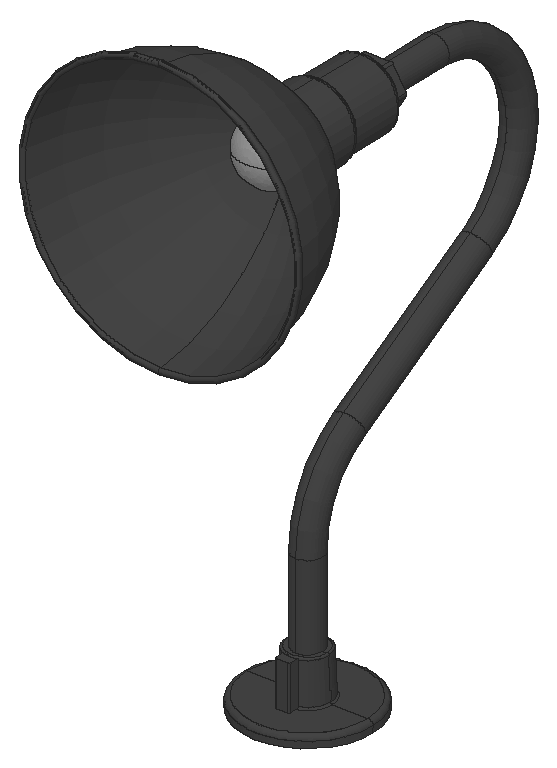
Revit family "BLE-G-DBW-G15-E26", category Lighting Fixtures, host Face, Revit 2022
Family settings
  Host = Face
  Round Connector Dimension = Use Diameter
  Part Type = Normal
  Cut with Voids When Loaded = No
  Light Source = Yes
  Maintain Annotation Orientation = No
  Shared = No
  Room Calculation Point = No
Parameters (values of type "10"")
  Wattage = 5.72229 W
  built-in parameter 1150110 = 1 (stored number, unit not read)
  built-in parameter 1114217 = 1 (stored number, unit not read)
  Tilt Angle = 0.00°
  built-in parameter 1150109 = 1 (stored number, unit not read)
  built-in parameter 1150134 = (empty or 0)
  built-in parameter 1150113 = 1 (stored number, unit not read)
  Gooseneck Material = 100 - Black
  Shade Material = 100 - Black
  Photometric Web File = "generic"
  built-in parameter 1150142 = (empty or 0)
  built-in parameter 1150105 = 67.641 (stored number, unit not read)
  Lumens = 850 lm
  built-in parameter 1150115 = 1 (stored number, unit not read)
  built-in parameter 1150137 = (empty or 0)
  built-in parameter 1150139 = (empty or 0)
  built-in parameter 1150112 = 1 (stored number, unit not read)
  built-in parameter 1150114 = 1 (stored number, unit not read)
  built-in parameter 1150132 = 2
  built-in parameter 1150102 = (empty or 0)
  built-in parameter 1150107 = 3000 (stored number, unit not read)
  built-in parameter 1150138 = (empty or 0)
  built-in parameter 1150106 = 0.67641 (stored number, unit not read)
  24" = no
  built-in parameter 1150104 = 13.8 (stored number, unit not read)
  20" = no
  Dimming Lamp Color Temperature Shift = <None>
  Default Elevation = 4' - 0"
  Color Filter = 16777215
  Base Material = 100 - Black
  built-in parameter 1114218 = 1 (stored number, unit not read)
  built-in parameter 1150133 = 10 (stored number, unit not read)
  16" = no
  14" = no
  12" = no
  10" = yes
Types (7): name | 24" | 20" | 16" | 14" | 12" | 10"
  (no name) | no | no | no | no | no | yes
  12" | no | no | no | no | yes | no
  14" | no | no | no | yes | no | no
  16" | no | no | yes | no | no | no
  10" | no | no | no | no | no | yes
  20" | no | yes | no | no | no | no
  24" | yes | no | no | no | no | no
Reference planes (in)
  plane 1 "Center (Front/Back)": y = 0
  plane 2: z = 0
  plane 3 "Center (Left/Right)": x = 0
Lines and regions (in)
  reference lines
    curve 1: line (0, 32, 0) -> (0, -36, 0)
    curve 2: line (-33.11947, 0, 0) -> (37.88053, 0, 0)
Dimensions and locks (in)
  plane 1 "Center (Front/Back)" to imposter light = 0' - 1 1/2"
  aligned and locked: plane 2 to host face
  aligned and locked: level to host face
  aligned and locked: plane 3 "Center (Left/Right)" to nested 1
  aligned and locked: plane 1 "Center (Front/Back)" to nested 1
  aligned and locked: nested 4 to imposter light
  aligned and locked: plane 3 "Center (Left/Right)" to nested 2
  aligned and locked: nested 3 to plane 3 "Center (Left/Right)"
  aligned and locked: nested 5 to nested 3
  aligned and locked: imposter light to nested 6
  aligned and locked: nested 6 to imposter light
  aligned and locked: nested 5 to imposter light
  aligned and locked: nested 7 to nested 3
  aligned and locked: nested 3 to nested 7
  aligned and locked: imposter light to nested 3
Nested families (in)
  nested 1: "WBP-7501" at (0, 0, 0), type "WBP-7501"
  nested 2: "GNK-7515" at (0, 0, 1.975), type "GNK-5011"
  nested 3: "DBW Shade" at (0, 2.47899, 18.47924) x (0, 0, -1) z (0, -1, 0), type "DBW Shade"
    with 24" no, 20" no, 16" no, 14" no, 12" no
  nested 4: "103264" at (0, -3.60156, 18.47924) x (0, 0, -1) z (0, -1, 0), type "103264"
    with Heat Sink 9" no
  nested 5: "CPL-0004" at (0, 3.12917, 18.47924) x (1, 0, 0) z (0, -1, 0), type "CPL-0004"
  nested 6: "E26 Socket Assy" at (0, 2.43992, 18.47924) x (0, 0, -1) z (0, -1, 0), type "E26 Socket Assy"
  nested 7: "E26 Bulb" at (0, 0.18494, 18.47924) x (1, 0, 0) z (0, -1, 0), type "E26 Bulb"
Connectors (in)
  electrical at (0, 0, 0)
    settings: index 1, voltage 0 V, apparent load 0 VA, apparent load phase1 0 VA, apparent load phase2 0 VA, apparent load phase3 0 VA, power factor 1, load classification "Other", number of poles 1, system type 31, power factor state 1, is connector primary yes, connector utility no, sub classification motor no, connector description ""
Definition of nested family "WBP-7501"
  Parameters (values of type "WBP-7501")
    Default Elevation = 3' - 0"
    Base Material = none
  Reference planes (in)
    plane 1 "Center (Front/Back)": y = 0
    plane 2: z = 0
    plane 3 "Center (Left/Right)": x = 0
    plane 4 "Base Dia": x = -2.325
    plane 5 "Base Height": z = 0.4
    plane 6 "Fillet Radius": z = 0.225
    plane 7: z = 0.458
    plane 8: x = -0.87
    plane 9: x = -0.81
    plane 10: x = -0.76
    plane 11: z = 1.917
    plane 12: z = 1.975
    plane 13: x = -0.7
    plane 14: x = -0.2595
    plane 15: x = 0.2595
    plane 16: y = -1.135
  Forms (in)
    Extrusion 1, solid
      sketch origin (0, 0, 0) x (1, 0, 0) y (0, 1, 0)
        loop
          line (-48, 48) -> (-48, -48) -> (48, -48) -> (48, 48) -> (-48, 48)
      from 0 to -12
    Revolve 2, solid, material <- "Base Material"
      sketch origin (0, 0, 0) x (1, 0, 0) y (0, 0, 1)
        loop
          line (0, 0) -> (0, 1.975) -> (-0.7, 1.975)
          arc (-0.7, 1.975) -> (-0.74172, 1.95814) -> (-0.76, 1.91702) r 0.06003
          line (-0.76, 1.91702) -> (-0.81, 0.458)
          arc (-0.81, 0.458) -> (-0.82699, 0.41699) -> (-0.868, 0.4) r 0.058
          line (-0.868, 0.4) -> (-2.15, 0.4)
          arc (-2.15, 0.4) -> (-2.27374, 0.34874) -> (-2.325, 0.225) r 0.175
          line (-2.325, 0.225) -> (-2.325, 0) -> (0, 0)
        axis (0, 0) -> (0, 1.975)
      angle from 0 to 360
    Extrusion 3, solid, material <- "Base Material"
      sketch origin (0, 0, 0) x (1, 0, 0) y (0, 1, 0)
        loop
          line (-0.2595, -0.76731) -> (-0.2595, -1.075)
          arc (-0.2595, -1.075) -> (-0.24193, -1.11743) -> (-0.1995, -1.135) r 0.06
          line (-0.1995, -1.135) -> (0.1995, -1.135)
          arc (0.1995, -1.135) -> (0.24193, -1.11743) -> (0.2595, -1.075) r 0.06
          line (0.2595, -1.075) -> (0.2595, -0.76731)
          arc (0.2595, -0.76731) -> (0, -0.81) -> (-0.2595, -0.76731) r 0.81
      from 0 to 1.975
  Cuts and joins
    joined: Revolve 2, Extrusion 3
  Dimensions and locks (in)
    plane 4 "Base Dia" to plane 3 "Center (Left/Right)" = 0' - 2.325"
    locked: plane 5 "Base Height" to Extrusion 1 at 0.4
    locked: plane 3 "Center (Left/Right)" to plane 4 "Base Dia" at 2.325
    locked: plane 5 "Base Height" to plane 6 "Fillet Radius" at 0.175
    locked: plane 3 "Center (Left/Right)" to plane 9 at 0.81
    locked: plane 3 "Center (Left/Right)" to plane 8 at 0.87
    locked: plane 3 "Center (Left/Right)" to plane 10 at 0.76
    locked: plane 3 "Center (Left/Right)" to plane 13 at 0.7
    locked: plane 11 to plane 5 "Base Height" at 1.517
    locked: plane 12 to plane 5 "Base Height" at 1.575
    locked: plane 7 to plane 5 "Base Height" at 0.058
    locked: plane 14 to plane 3 "Center (Left/Right)" at 0.2595
    locked: plane 3 "Center (Left/Right)" to plane 15 at 0.2595
    locked: plane 16 to plane 1 "Center (Front/Back)" at 1.135
    radius of Revolve 2 sketch curve = 0' - 0.175"
    aligned and locked: plane 2 to Extrusion 1
    aligned and locked: level to Extrusion 1
    aligned and locked: Revolve 2 sketch curve to plane 5 "Base Height"
    aligned and locked: plane 9 to Revolve 2 sketch curve
    aligned and locked: plane 3 "Center (Left/Right)" to Revolve 2 sketch curve
    aligned and locked: plane 15 to Extrusion 3 sketch curve
    aligned and locked: Extrusion 3 sketch curve to plane 16
    aligned and locked: Extrusion 3 sketch curve to plane 14
  Automatic sketch dimensions
    Extrusion 1 sketch curve to Extrusion 1 sketch curve = 8' - 0"  (x2)
    Revolve 2 sketch curve to level = 0' - 0"
    Revolve 2 sketch curve to plane 4 "Base Dia" = 0' - 0"
    Revolve 2 sketch curve to plane 7 = 0' - 0"  (x2)
    plane 10 to Revolve 2 sketch curve = 0' - 0"
    Revolve 2 sketch curve to plane 12 = 0' - 0"
    Revolve 2 sketch curve to plane 13 = 0' - 0"
    Revolve 2 sketch curve to plane 3 "Center (Left/Right)" = 0' - 0"
    Revolve 2 sketch curve to Revolve 2 sketch curve = 0' - 0.22742"
    Revolve 2 sketch curve to Revolve 2 sketch curve = 0' - 1.76377"
    plane 1 "Center (Front/Back)" to Extrusion 3 sketch curve = 0' - 0"
    Extrusion 3 sketch curve to plane 3 "Center (Left/Right)" = 0' - 0"
    plane 14 to Extrusion 3 sketch curve = 0' - 0.06"
    Extrusion 3 sketch curve to plane 15 = 0' - 0.06"
    Extrusion 3 sketch curve to Extrusion 3 sketch curve = 0' - 0.30769"
Definition of nested family "GNK-7515"
  Parameters (values of type "GNK-7515")
    Gooseneck Material = none
    Default Elevation = 2' - 0"
  Reference planes (in)
    plane 1 "Center (Front/Back)": y = 0
    plane 2: z = 0
    plane 3 "Center (Left/Right)": x = 0
    plane 4 "Wood Height": z = 0
  Forms (in)
    Extrusion 1, solid
      sketch origin (0, 0, 0) x (1, 0, 0) y (0, 1, 0)
        loop
          line (-48, 48) -> (-48, -48) -> (48, -48) -> (48, 48) -> (-48, 48)
      from 0 to -12
    Sweep 2, solid, material <- "Gooseneck Material"
      path origin (0, 0, 0) x (0, 1, 0) y (0, 0, 1)
        loop
          line (0, 0) -> (0, 3.00184)
          arc (0, 3.00184) -> (0.50198, 4.87524) -> (1.8734, 6.24667) r 3.7468
          line (1.8734, 6.24667) -> (7.50417, 9.49759)
          arc (7.50417, 9.49759) -> (9.25139, 13.71576) -> (5.62917, 16.49519) r 3.75
          line (5.62917, 16.49519) -> (3.12917, 16.49519)
      profile origin (0, 0, 1.50092) x (0, -1, 0) y (1, 0, 0)
        loop
          circle (0, 0) r 0.52676
  Dimensions and locks (in)
    aligned and locked: plane 2 to Extrusion 1
    aligned and locked: level to Extrusion 1
    aligned and locked: Extrusion 1 to plane 4 "Wood Height"
  Automatic sketch dimensions
    Extrusion 1 sketch curve to Extrusion 1 sketch curve = 8' - 0"  (x2)
    Sweep 2 sketch curve to plane 3 "Center (Left/Right)" = 0' - 0"
    Sweep 2 sketch curve to profile plane = 0' - 0"
    Sweep 2 sketch curve to plane 1 "Center (Front/Back)" = 0' - 0"
    Sweep 2 sketch curve to level = 0' - 0"
    Sweep 2 sketch curve to plane 1 "Center (Front/Back)" = 0' - 1.8734"
    Sweep 2 sketch curve to Sweep 2 sketch curve = 0' - 1.8734"
    Sweep 2 sketch curve to Sweep 2 sketch curve = 0' - 1 7/8"
    level to Sweep 2 sketch curve = 0' - 3.00184"
    Sweep 2 sketch curve to Sweep 2 sketch curve = 0' - 3.25092"
    Sweep 2 sketch curve to Sweep 2 sketch curve = 0' - 2 1/2"
    radius of Sweep 2 sketch curve = 0' - 0.52676"
Definition of nested family "DBW Shade"
  Parameters (values of type "DBW Shade")
    Shade Material = none
    Default Elevation = 2' - 0"
    24" = yes
    20" = yes
    10" = yes
    16" = yes
    14" = yes
    12" = yes
  Reference planes (in)
    plane 1 "Center (Front/Back)": y = 0
    plane 2: z = 0
    plane 3 "Center (Left/Right)": x = 0
  Forms (in)
    Extrusion 1, solid
      sketch origin (0, 0, 0) x (1, 0, 0) y (0, 1, 0)
        loop
          line (-48, 48) -> (-48, -48) -> (48, -48) -> (48, 48) -> (-48, 48)
      from 0 to -12
  Dimensions and locks (in)
    aligned and locked: plane 2 to Extrusion 1
    aligned and locked: level to Extrusion 1
    aligned and locked: plane 1 "Center (Front/Back)" to nested 1
    aligned and locked: plane 3 "Center (Left/Right)" to nested 1
    aligned and locked: plane 3 "Center (Left/Right)" to nested 2
    aligned and locked: plane 1 "Center (Front/Back)" to nested 2
    aligned and locked: plane 1 "Center (Front/Back)" to nested 3
    aligned and locked: plane 3 "Center (Left/Right)" to nested 3
    aligned and locked: plane 1 "Center (Front/Back)" to nested 4
    aligned and locked: plane 1 "Center (Front/Back)" to nested 5
    aligned and locked: plane 3 "Center (Left/Right)" to nested 5
    aligned and locked: plane 3 "Center (Left/Right)" to nested 6
    aligned and locked: plane 1 "Center (Front/Back)" to nested 6
    aligned and locked: plane 3 "Center (Left/Right)" to nested 4
  Nested families (in)
    nested 1: "SHD-0028" at (0, 0, 0), visible <- "10"", type "SHD-0028"
    nested 2: "SHD-0029" at (0, 0, 0), visible <- "12"", type "SHD-0029"
    nested 3: "SHD-0114" at (0, 0, 0), visible <- "14"", type "SHD-0114"
    nested 4: "SHD-0115" at (0, 0, 0), visible <- "16"", type "SHD-0115"
    nested 5: "SHD-0308" at (0, 0, 0), visible <- "24"", type "SHD-0308"
    nested 6: "SHD-0223" at (0, 0, 0), visible <- "20"", type "SHD-0223"
  Definition of nested family "SHD-0028"
    Parameters (values of type "SHD-0028")
      Shade Material = none
      Default Elevation = 2' - 0"
    Reference planes (in)
      plane 1 "Center (Front/Back)": y = 0
      plane 2: z = 0
      plane 3 "Center (Left/Right)": x = 0
      plane 4 "Wood Height": z = 0
      plane 5 "Nut Radius": x = -1.03713
      plane 6 "Nut Flat": x = -0.861
      plane 7 "Shade Thickness": z = 0.04
      plane 8 "Lower Shade bottom": z = 9.109
      plane 9 "Lower Shade Outer Dia": x = -5
      plane 10 "Shade Top Dia": x = -1.20713
      plane 11 "Shade Middle Radius Height1": z = 1.965
      plane 12 "Shade Lower Diameter1": x = -1.44113
      plane 13 "Shade Top Radius": x = -1.29713
      plane 14 "Shade Middle Radious Height2": z = 2.105
      plane 15 "Shade Middle Radius Diameter2": x = -1.41363
      plane 16 "Lip Height": z = 9.029
      plane 17 "Bowl Start": z = 3.545
      plane 18: x = -4.85
      plane 19: z = 9.069
    Forms (in)
      Extrusion 1, solid
        sketch origin (0, 0, 0) x (1, 0, 0) y (0, 1, 0)
          loop
            line (-48, 48) -> (-48, -48) -> (48, -48) -> (48, 48) -> (-48, 48)
        from 0 to -12
      Revolve 2, solid, material <- "Shade Material"
        sketch origin (0, 0, 0) x (1, 0, 0) y (0, 0, 1)
          loop
            line (0, 0) -> (0, 0.03906) -> (-1.20713, 0.03906)
            arc (-1.20713, 0.03906) -> (-1.24314, 0.05398) -> (-1.25806, 0.09) r 0.05094
            line (-1.25806, 0.09) -> (-1.25806, 1.94384)
            arc (-1.25806, 1.94384) -> (-1.26409, 1.97759) -> (-1.28141, 2.00717) r 0.09757
            line (-1.28141, 2.00717) -> (-1.37456, 2.11635) -> (-1.37456, 3.48096)
            arc (-1.37456, 3.48096) -> (-1.39014, 3.54099) -> (-1.43295, 3.58588) r 0.12347
            arc (-1.43295, 3.58588) -> (-3.7536, 5.90437) -> (-4.80544, 9.01154) r 7.20294
            arc (-4.80544, 9.01154) -> (-4.99326, 9.04214) -> (-4.84504, 8.9228) r 0.09841
            line (-4.84504, 8.9228) -> (-4.86619, 8.95581)
            arc (-4.86619, 8.95581) -> (-4.95809, 9.02506) -> (-4.84432, 9.00777) r 0.05934
            arc (-4.84432, 9.00777) -> (-3.78678, 5.88375) -> (-1.45354, 3.55268) r 7.242
            arc (-1.45354, 3.55268) -> (-1.42428, 3.522) -> (-1.41363, 3.48096) r 0.0844
            line (-1.41363, 3.48096) -> (-1.41363, 2.13147)
            arc (-1.41363, 2.13147) -> (-1.40868, 2.10377) -> (-1.39446, 2.07949) r 0.08009
            line (-1.39446, 2.07949) -> (-1.31112, 1.98181)
            arc (-1.31112, 1.98181) -> (-1.30074, 1.96408) -> (-1.29713, 1.94384) r 0.0585
            line (-1.29713, 1.94384) -> (-1.29713, 0.09)
            arc (-1.29713, 0.09) -> (-1.27077, 0.02636) -> (-1.20713, 0) r 0.09
            line (-1.20713, 0) -> (0, 0)
          axis (0, 9.01154) -> (0, 0)
        angle from 0 to 360
    Dimensions and locks (in)
      locked: plane 6 "Nut Flat" to plane 3 "Center (Left/Right)" at 0.861
      locked: plane 7 "Shade Thickness" to plane 4 "Wood Height" at 0.04
      locked: plane 3 "Center (Left/Right)" to plane 9 "Lower Shade Outer Dia" at 5
      locked: plane 11 "Shade Middle Radius Height1" to plane 4 "Wood Height" at 1.965
      locked: plane 14 "Shade Middle Radious Height2" to plane 4 "Wood Height" at 2.105
      locked: plane 8 "Lower Shade bottom" to plane 16 "Lip Height" at 0.08
      locked: plane 17 "Bowl Start" to plane 4 "Wood Height" at 3.545
      locked: plane 18 to plane 9 "Lower Shade Outer Dia" at 0.15
      locked: plane 8 "Lower Shade bottom" to plane 19 at 0.04
      locked: plane 8 "Lower Shade bottom" to plane 4 "Wood Height" at 9.109
      aligned and locked: plane 2 to Extrusion 1
      aligned and locked: level to Extrusion 1
      aligned and locked: plane 4 "Wood Height" to Revolve 2 sketch curve
      aligned and locked: plane 10 "Shade Top Dia" to Revolve 2 sketch curve
      aligned and locked: Revolve 2 sketch curve to plane 15 "Shade Middle Radius Diameter2"
      aligned and locked: Revolve 2 sketch curve to plane 13 "Shade Top Radius"
      aligned and locked: Extrusion 1 to plane 4 "Wood Height"
    Automatic sketch dimensions
      Extrusion 1 sketch curve to Extrusion 1 sketch curve = 8' - 0"  (x2)
      Revolve 2 sketch curve to Revolve 2 sketch curve = 0' - 0"  (x12)
      Revolve 2 sketch curve to plane 3 "Center (Left/Right)" = 0' - 0"  (x2)
      plane 18 to Revolve 2 sketch curve = 0' - 0.00496"
      Revolve 2 sketch curve to plane 18 = 0' - 0.01619"
      plane 15 "Shade Middle Radius Diameter2" to Revolve 2 sketch curve = 0' - 0.01916"
      plane 14 "Shade Middle Radious Height2" to Revolve 2 sketch curve = 0' - 0.01135"
      plane 15 "Shade Middle Radius Diameter2" to Revolve 2 sketch curve = 0' - 0 5/128"
      Revolve 2 sketch curve to plane 11 "Shade Middle Radius Height1" = 0' - 0.02116"
      plane 15 "Shade Middle Radius Diameter2" to Revolve 2 sketch curve = 0' - 0.058"
      plane 14 "Shade Middle Radious Height2" to Revolve 2 sketch curve = 0' - 0.02647"
      Revolve 2 sketch curve to plane 13 "Shade Top Radius" = 0' - 0.01572"
      Revolve 2 sketch curve to Revolve 2 sketch curve = 0' - 0 5/128"
      Revolve 2 sketch curve to plane 17 "Bowl Start" = 0' - 0.06404"
      plane 18 to Revolve 2 sketch curve = 0' - 0.00568"
      plane 17 "Bowl Start" to Revolve 2 sketch curve = 0' - 0.15101"
      Revolve 2 sketch curve to Revolve 2 sketch curve = 0' - 2.15863"
      Revolve 2 sketch curve to plane 12 "Shade Lower Diameter1" = 0' - 0.00818"
      Revolve 2 sketch curve to Revolve 2 sketch curve = 0' - 0.03888"  (x2)
      Revolve 2 sketch curve to Revolve 2 sketch curve = 0' - 0.03301"
      Revolve 2 sketch curve to Revolve 2 sketch curve = 0' - 0.02059"
      Revolve 2 sketch curve to Revolve 2 sketch curve = 0' - 0.03319"
  Definition of nested family "SHD-0029"
    Parameters (values of type "SHD-0029")
      Shade Material = none
      Default Elevation = 2' - 0"
    Reference planes (in)
      plane 1 "Center (Front/Back)": y = 0
      plane 2: z = 0
      plane 3 "Center (Left/Right)": x = 0
      plane 4 "Wood Height": z = 0
      plane 5 "Nut Radius": x = -1.03713
      plane 6 "Nut Flat": x = -0.861
      plane 7 "Shade Thickness": z = 0.04
      plane 8 "Shade Top Dia": x = -1.20713
      plane 9 "Shade Middle Radius Height1": z = 1.965
      plane 10 "Shade Lower Diameter1": x = -1.44113
      plane 11 "Shade Top Radius": x = -1.29713
      plane 12 "Shade Middle Radious Height2": z = 2.105
      plane 13 "Shade Middle Radius Diameter2": x = -1.41363
      plane 14 "Bowl Start": z = 3.545
    Forms (in)
      Extrusion 1, solid
        sketch origin (0, 0, 0) x (1, 0, 0) y (0, 1, 0)
          loop
            line (-48, 48) -> (-48, -48) -> (48, -48) -> (48, 48) -> (-48, 48)
        from 0 to -12
      Revolve 2, solid, material <- "Shade Material"
        sketch origin (0, 0, 0) x (1, 0, 0) y (0, 0, 1)
          loop
            line (0, 0) -> (0, 0.03906) -> (-1.20713, 0.03906)
            arc (-1.20713, 0.03906) -> (-1.24314, 0.05398) -> (-1.25806, 0.09) r 0.05094
            line (-1.25806, 0.09) -> (-1.25806, 1.94384)
            arc (-1.25806, 1.94384) -> (-1.26409, 1.97759) -> (-1.28141, 2.00717) r 0.09757
            line (-1.28141, 2.00717) -> (-1.37456, 2.11635) -> (-1.37456, 3.49488)
            arc (-1.37456, 3.49488) -> (-1.3856, 3.54027) -> (-1.41623, 3.57553) r 0.09889
            arc (-1.41623, 3.57553) -> (-4.2546, 6.22323) -> (-5.80711, 9.7808) r 9.56481
            arc (-5.80711, 9.7808) -> (-5.99536, 9.79563) -> (-5.84506, 9.68132) r 0.09841
            line (-5.84506, 9.68132) -> (-5.86621, 9.71432)
            arc (-5.86621, 9.71432) -> (-5.9593, 9.78052) -> (-5.84534, 9.77276) r 0.05934
            arc (-5.84534, 9.77276) -> (-4.28694, 6.2013) -> (-1.43786, 3.54296) r 9.60387
            arc (-1.43786, 3.54296) -> (-1.42003, 3.5218) -> (-1.41363, 3.49488) r 0.05982
            line (-1.41363, 3.49488) -> (-1.41363, 2.13147)
            arc (-1.41363, 2.13147) -> (-1.40868, 2.10377) -> (-1.39446, 2.07949) r 0.08009
            line (-1.39446, 2.07949) -> (-1.31112, 1.98181)
            arc (-1.31112, 1.98181) -> (-1.30074, 1.96408) -> (-1.29713, 1.94384) r 0.0585
            line (-1.29713, 1.94384) -> (-1.29713, 0.09)
            arc (-1.29713, 0.09) -> (-1.27077, 0.02636) -> (-1.20713, 0) r 0.09
            line (-1.20713, 0) -> (0, 0)
          axis (0, 9.7808) -> (0, 0)
        angle from 0 to 360
    Dimensions and locks (in)
      locked: plane 6 "Nut Flat" to plane 3 "Center (Left/Right)" at 0.861
      locked: plane 7 "Shade Thickness" to plane 4 "Wood Height" at 0.04
      locked: plane 9 "Shade Middle Radius Height1" to plane 4 "Wood Height" at 1.965
      locked: plane 12 "Shade Middle Radious Height2" to plane 4 "Wood Height" at 2.105
      locked: plane 14 "Bowl Start" to plane 4 "Wood Height" at 3.545
      aligned and locked: plane 2 to Extrusion 1
      aligned and locked: level to Extrusion 1
      aligned and locked: plane 4 "Wood Height" to Revolve 2 sketch curve
      aligned and locked: plane 8 "Shade Top Dia" to Revolve 2 sketch curve
      aligned and locked: Revolve 2 sketch curve to plane 13 "Shade Middle Radius Diameter2"
      aligned and locked: Revolve 2 sketch curve to plane 11 "Shade Top Radius"
      aligned and locked: Extrusion 1 to plane 4 "Wood Height"
    Automatic sketch dimensions
      Extrusion 1 sketch curve to Extrusion 1 sketch curve = 8' - 0"  (x2)
      Revolve 2 sketch curve to Revolve 2 sketch curve = 0' - 0"  (x15)
      Revolve 2 sketch curve to plane 3 "Center (Left/Right)" = 0' - 0"  (x2)
      plane 10 "Shade Lower Diameter1" to Revolve 2 sketch curve = 0' - 0.03232"
      Revolve 2 sketch curve to Revolve 2 sketch curve = 0' - 0.02115"
      Revolve 2 sketch curve to Revolve 2 sketch curve = 0' - 0.0372"
      plane 13 "Shade Middle Radius Diameter2" to Revolve 2 sketch curve = 0' - 0.01916"
      plane 12 "Shade Middle Radious Height2" to Revolve 2 sketch curve = 0' - 0.01135"
      plane 13 "Shade Middle Radius Diameter2" to Revolve 2 sketch curve = 0' - 0 5/128"
      Revolve 2 sketch curve to plane 9 "Shade Middle Radius Height1" = 0' - 0.02116"
      plane 13 "Shade Middle Radius Diameter2" to Revolve 2 sketch curve = 0' - 0.058"
      plane 12 "Shade Middle Radious Height2" to Revolve 2 sketch curve = 0' - 0.02647"
      Revolve 2 sketch curve to plane 11 "Shade Top Radius" = 0' - 0.01572"
      Revolve 2 sketch curve to Revolve 2 sketch curve = 0' - 0 5/128"
      Revolve 2 sketch curve to plane 14 "Bowl Start" = 0' - 0.05012"
      Revolve 2 sketch curve to Revolve 2 sketch curve = 0' - 0.03301"
      Revolve 2 sketch curve to Revolve 2 sketch curve = 0' - 0.04623"
      Revolve 2 sketch curve to plane 13 "Shade Middle Radius Diameter2" = 0' - 0.00261"
      Revolve 2 sketch curve to plane 14 "Bowl Start" = 0' - 0.00204"
      plane 14 "Bowl Start" to Revolve 2 sketch curve = 0' - 0.15101"
      Revolve 2 sketch curve to Revolve 2 sketch curve = 0' - 2.15863"
      plane 10 "Shade Lower Diameter1" to Revolve 2 sketch curve = 0' - 4.40394"
      plane 3 "Center (Left/Right)" to Revolve 2 sketch curve = 0' - 3.5532"
      plane 14 "Bowl Start" to Revolve 2 sketch curve = 0' - 6.13632"
  Definition of nested family "SHD-0114"
    Parameters (values of type "SHD-0114")
      Shade Material = none
      Default Elevation = 2' - 0"
    Reference planes (in)
      plane 1 "Center (Front/Back)": y = 0
      plane 2: z = 0
      plane 3 "Center (Left/Right)": x = 0
      plane 4 "Wood Height": z = 0
    Forms (in)
      Extrusion 1, solid
        sketch origin (0, 0, 0) x (1, 0, 0) y (0, 1, 0)
          loop
            line (-48, 48) -> (-48, -48) -> (48, -48) -> (48, 48) -> (-48, 48)
        from 0 to -12
      Revolve 2, solid, material <- "Shade Material"
        sketch origin (0, 0, 0) x (1, 0, 0) y (0, 0, 1)
          loop
            line (0, 0) -> (0, 0.03906) -> (-1.45545, 0.03906)
            arc (-1.45545, 0.03906) -> (-1.49164, 0.05405) -> (-1.50663, 0.09025) r 0.05119
            line (-1.50663, 0.09025) -> (-1.50663, 2.07228)
            arc (-1.50663, 2.07228) -> (-1.51325, 2.1034) -> (-1.53194, 2.12913) r 0.0765
            line (-1.53194, 2.12913) -> (-1.59895, 2.18946)
            arc (-1.59895, 2.18946) -> (-1.61737, 2.21483) -> (-1.62389, 2.24549) r 0.07539
            line (-1.62389, 2.24549) -> (-1.62389, 3.76049)
            arc (-1.62389, 3.76049) -> (-1.63985, 3.81863) -> (-1.68326, 3.86047) r 0.11386
            arc (-1.68326, 3.86047) -> (-5.12462, 6.95788) -> (-6.79993, 11.27416) r 9.99002
            arc (-6.79993, 11.27416) -> (-6.99505, 11.29998) -> (-6.84047, 11.17815) r 0.10205
            line (-6.84047, 11.17815) -> (-6.86365, 11.20959)
            arc (-6.86365, 11.20959) -> (-6.95906, 11.28479) -> (-6.83863, 11.26885) r 0.06299
            arc (-6.83863, 11.26885) -> (-5.15677, 6.93569) -> (-1.70196, 3.82617) r 10.02909
            arc (-1.70196, 3.82617) -> (-1.67344, 3.79868) -> (-1.66295, 3.76049) r 0.07479
            line (-1.66295, 3.76049) -> (-1.66295, 2.24549)
            arc (-1.66295, 2.24549) -> (-1.65306, 2.19894) -> (-1.62508, 2.16043) r 0.11445
            line (-1.62508, 2.16043) -> (-1.55808, 2.1001)
            arc (-1.55808, 2.1001) -> (-1.54893, 2.08751) -> (-1.54569, 2.07228) r 0.03743
            line (-1.54569, 2.07228) -> (-1.54569, 0.09025)
            arc (-1.54569, 0.09025) -> (-1.51926, 0.02643) -> (-1.45545, 0) r 0.09025
            line (-1.45545, 0) -> (0, 0)
          axis (0, 11.27416) -> (0, 0)
        angle from 0 to 360
    Dimensions and locks (in)
      aligned and locked: plane 2 to Extrusion 1
      aligned and locked: level to Extrusion 1
      aligned and locked: Extrusion 1 to plane 4 "Wood Height"
    Automatic sketch dimensions
      Extrusion 1 sketch curve to Extrusion 1 sketch curve = 8' - 0"  (x2)
      Revolve 2 sketch curve to Revolve 2 sketch curve = 0' - 0"  (x25)
      Revolve 2 sketch curve to level = 0' - 0"
      Revolve 2 sketch curve to plane 3 "Center (Left/Right)" = 0' - 0"  (x2)
      Revolve 2 sketch curve to Revolve 2 sketch curve = 0' - 0.01239"
      Revolve 2 sketch curve to Revolve 2 sketch curve = 0' - 0.07479"
      Revolve 2 sketch curve to Revolve 2 sketch curve = 0' - 0.02318"
      Revolve 2 sketch curve to Revolve 2 sketch curve = 0' - 0.03738"
      Revolve 2 sketch curve to Revolve 2 sketch curve = 0' - 0.03144"
      Revolve 2 sketch curve to Revolve 2 sketch curve = 0' - 0.0507"
      Revolve 2 sketch curve to Revolve 2 sketch curve = 0' - 0.01869"  (x2)
      Revolve 2 sketch curve to Revolve 2 sketch curve = 0' - 2.15863"
      plane 3 "Center (Left/Right)" to Revolve 2 sketch curve = 0' - 3.09734"
      Revolve 2 sketch curve to Revolve 2 sketch curve = 0' - 0.02614"
      Revolve 2 sketch curve to Revolve 2 sketch curve = 0' - 0 5/128"  (x2)
      Revolve 2 sketch curve to Revolve 2 sketch curve = 0' - 1.45545"
      Revolve 2 sketch curve to Revolve 2 sketch curve = 0' - 0.05119"
      Revolve 2 sketch curve to Revolve 2 sketch curve = 0' - 0.02531"
      Revolve 2 sketch curve to Revolve 2 sketch curve = 0' - 0.01656"
      Revolve 2 sketch curve to Revolve 2 sketch curve = 0' - 0.02505"
      Revolve 2 sketch curve to Revolve 2 sketch curve = 0' - 0.05045"
      Revolve 2 sketch curve to plane 3 "Center (Left/Right)" = 0' - 6.84047"
      Revolve 2 sketch curve to Revolve 2 sketch curve = 0' - 1.98204"
      Revolve 2 sketch curve to Revolve 2 sketch curve = 0' - 1.515"
      Revolve 2 sketch curve to Revolve 2 sketch curve = 0' - 7.41765"
      Revolve 2 sketch curve to Revolve 2 sketch curve = 0' - 0.06448"
  Definition of nested family "SHD-0115"
    Parameters (values of type "SHD-0115")
      Shade Material = none
      Default Elevation = 2' - 0"
    Reference planes (in)
      plane 1 "Center (Front/Back)": y = 0
      plane 2: z = 0
      plane 3 "Center (Left/Right)": x = 0
      plane 4 "Wood Height": z = 0
    Forms (in)
      Extrusion 1, solid
        sketch origin (0, 0, 0) x (1, 0, 0) y (0, 1, 0)
          loop
            line (-48, 48) -> (-48, -48) -> (48, -48) -> (48, 48) -> (-48, 48)
        from 0 to -12
      Revolve 2, solid, material <- "Shade Material"
        sketch origin (0, 0, 0) x (1, 0, 0) y (0, 0, 1)
          loop
            line (0, 0) -> (0, 0.03906) -> (-1.45545, 0.03906)
            arc (-1.45545, 0.03906) -> (-1.49164, 0.05405) -> (-1.50663, 0.09025) r 0.05119
            line (-1.50663, 0.09025) -> (-1.50663, 2.07228)
            arc (-1.50663, 2.07228) -> (-1.51325, 2.1034) -> (-1.53194, 2.12913) r 0.0765
            line (-1.53194, 2.12913) -> (-1.59895, 2.18946)
            arc (-1.59895, 2.18946) -> (-1.61737, 2.21483) -> (-1.62389, 2.24549) r 0.07539
            line (-1.62389, 2.24549) -> (-1.62389, 3.76049)
            arc (-1.62389, 3.76049) -> (-1.64115, 3.82076) -> (-1.6877, 3.86276) r 0.11386
            arc (-1.6877, 3.86276) -> (-5.9143, 7.51176) -> (-7.79992, 12.76759) r 10.98102
            arc (-7.79992, 12.76759) -> (-7.99459, 12.80067) -> (-7.84102, 12.67655) r 0.10205
            line (-7.84102, 12.67655) -> (-7.8642, 12.70799)
            arc (-7.8642, 12.70799) -> (-7.95899, 12.7846) -> (-7.83883, 12.76418) r 0.06299
            arc (-7.83883, 12.76418) -> (-5.94651, 7.48965) -> (-1.70487, 3.82767) r 11.02008
            arc (-1.70487, 3.82767) -> (-1.67429, 3.80009) -> (-1.66295, 3.76049) r 0.07479
            line (-1.66295, 3.76049) -> (-1.66295, 2.24549)
            arc (-1.66295, 2.24549) -> (-1.65306, 2.19894) -> (-1.62508, 2.16043) r 0.11445
            line (-1.62508, 2.16043) -> (-1.55808, 2.1001)
            arc (-1.55808, 2.1001) -> (-1.54893, 2.08751) -> (-1.54569, 2.07228) r 0.03743
            line (-1.54569, 2.07228) -> (-1.54569, 0.09025)
            arc (-1.54569, 0.09025) -> (-1.51926, 0.02643) -> (-1.45545, 0) r 0.09025
            line (-1.45545, 0) -> (0, 0)
          axis (0, 12.76759) -> (0, 0)
        angle from 0 to 360
    Dimensions and locks (in)
      aligned and locked: plane 2 to Extrusion 1
      aligned and locked: level to Extrusion 1
      aligned and locked: Extrusion 1 to plane 4 "Wood Height"
    Automatic sketch dimensions
      Extrusion 1 sketch curve to Extrusion 1 sketch curve = 8' - 0"  (x2)
      Revolve 2 sketch curve to Revolve 2 sketch curve = 0' - 0"  (x16)
      Revolve 2 sketch curve to level = 0' - 0"
      Revolve 2 sketch curve to plane 3 "Center (Left/Right)" = 0' - 0"  (x2)
      Revolve 2 sketch curve to Revolve 2 sketch curve = 0' - 1.45545"
      Revolve 2 sketch curve to plane 3 "Center (Left/Right)" = 0' - 1.50663"
      Revolve 2 sketch curve to Revolve 2 sketch curve = 0' - 0.02531"
      Revolve 2 sketch curve to Revolve 2 sketch curve = 0' - 0 5/128"
      Revolve 2 sketch curve to Revolve 2 sketch curve = 0' - 0.01656"
      Revolve 2 sketch curve to Revolve 2 sketch curve = 0' - 0.01239"
      Revolve 2 sketch curve to Revolve 2 sketch curve = 0' - 0.02505"
      Revolve 2 sketch curve to Revolve 2 sketch curve = 0' - 0.05045"
      Revolve 2 sketch curve to Revolve 2 sketch curve = 0' - 0.02494"
      Revolve 2 sketch curve to Revolve 2 sketch curve = 0' - 0.02614"
      Revolve 2 sketch curve to Revolve 2 sketch curve = 0' - 0.07479"
      Revolve 2 sketch curve to Revolve 2 sketch curve = 0' - 0.02318"
      Revolve 2 sketch curve to Revolve 2 sketch curve = 0' - 0.03738"
      plane 3 "Center (Left/Right)" to Revolve 2 sketch curve = 0' - 3.13919"
      Revolve 2 sketch curve to Revolve 2 sketch curve = 0' - 1.98204"
      Revolve 2 sketch curve to Revolve 2 sketch curve = 0' - 1.515"
      Revolve 2 sketch curve to Revolve 2 sketch curve = 0' - 0.03144"
      Revolve 2 sketch curve to Revolve 2 sketch curve = 0' - 0.0507"
      Revolve 2 sketch curve to Revolve 2 sketch curve = 0' - 1.04947"
      Revolve 2 sketch curve to Revolve 2 sketch curve = 0' - 0.03891"
      Revolve 2 sketch curve to Revolve 2 sketch curve = 0' - 0.06448"
      Revolve 2 sketch curve to Revolve 2 sketch curve = 0' - 2.15863"
  Definition of nested family "SHD-0308"
    Parameters (values of type "SHD-0308")
      Shade Material = none
      Default Elevation = 2' - 0"
    Reference planes (in)
      plane 1 "Center (Front/Back)": y = 0
      plane 2: z = 0
      plane 3 "Center (Left/Right)": x = 0
      plane 4 "Wood Height": z = 0
    Forms (in)
      Extrusion 1, solid
        sketch origin (0, 0, 0) x (1, 0, 0) y (0, 1, 0)
          loop
            line (-48, 48) -> (-48, -48) -> (48, -48) -> (48, 48) -> (-48, 48)
        from 0 to -12
      Revolve 2, solid, material <- "Shade Material"
        sketch origin (0, 0, 0) x (1, 0, 0) y (0, 0, 1)
          loop
            line (0, 0) -> (0, 0.03906) -> (-2.22237, 0.03906)
            arc (-2.22237, 0.03906) -> (-2.2742, 0.06053) -> (-2.29567, 0.11236) r 0.0733
            line (-2.29567, 0.11236) -> (-2.29567, 3.09806)
            arc (-2.29567, 3.09806) -> (-2.30835, 3.16758) -> (-2.34475, 3.22814) r 0.19691
            line (-2.34475, 3.22814) -> (-2.42725, 3.32189)
            arc (-2.42725, 3.32189) -> (-2.46224, 3.38009) -> (-2.47442, 3.4469) r 0.18923
            line (-2.47442, 3.4469) -> (-2.47442, 5.72055)
            arc (-2.47442, 5.72055) -> (-2.4994, 5.80773) -> (-2.56677, 5.86845) r 0.16462
            arc (-2.56677, 5.86845) -> (-9.0535, 11.47959) -> (-11.91654, 19.56448) r 16.76616
            arc (-11.91654, 19.56448) -> (-11.93143, 19.59499) -> (-11.96306, 19.60734) r 0.04667
            line (-11.96306, 19.60734) -> (-12.00319, 19.60734)
            arc (-12.00319, 19.60734) -> (-12.07667, 19.53386) -> (-12.00319, 19.46037) r 0.07348
            line (-12.00319, 19.46037) -> (-11.96309, 19.46037) -> (-11.96309, 19.49944) -> (-12.00319, 19.49944)
            arc (-12.00319, 19.49944) -> (-12.03761, 19.53386) -> (-12.00319, 19.56828) r 0.03442
            line (-12.00319, 19.56828) -> (-11.95604, 19.56828)
            arc (-11.95604, 19.56828) -> (-9.08774, 11.46046) -> (-2.58392, 5.83336) r 16.80523
            arc (-2.58392, 5.83336) -> (-2.53254, 5.78704) -> (-2.51348, 5.72055) r 0.12556
            line (-2.51348, 5.72055) -> (-2.51348, 3.4469)
            arc (-2.51348, 3.4469) -> (-2.49878, 3.3663) -> (-2.45658, 3.29609) r 0.22829
            line (-2.45658, 3.29609) -> (-2.37408, 3.20234)
            arc (-2.37408, 3.20234) -> (-2.34489, 3.15379) -> (-2.33473, 3.09806) r 0.15785
            line (-2.33473, 3.09806) -> (-2.33473, 0.11236)
            arc (-2.33473, 0.11236) -> (-2.30182, 0.03291) -> (-2.22237, 0) r 0.11236
            line (-2.22237, 0) -> (0, 0)
          axis (0, 19.60734) -> (0, 0)
        angle from 0 to 360
    Dimensions and locks (in)
      aligned and locked: plane 2 to Extrusion 1
      aligned and locked: level to Extrusion 1
      aligned and locked: Extrusion 1 to plane 4 "Wood Height"
    Automatic sketch dimensions
      Extrusion 1 sketch curve to Extrusion 1 sketch curve = 8' - 0"  (x2)
      Revolve 2 sketch curve to Revolve 2 sketch curve = 0' - 0"  (x24)
      Revolve 2 sketch curve to level = 0' - 0"
      Revolve 2 sketch curve to plane 3 "Center (Left/Right)" = 0' - 0"  (x2)
      Revolve 2 sketch curve to Revolve 2 sketch curve = 0' - 0.01047"
      Revolve 2 sketch curve to Revolve 2 sketch curve = 0' - 0.01002"
      Revolve 2 sketch curve to Revolve 2 sketch curve = 0' - 0.02933"  (x2)
      Revolve 2 sketch curve to Revolve 2 sketch curve = 0' - 0.04717"
      Revolve 2 sketch curve to Revolve 2 sketch curve = 0' - 0.12556"
      Revolve 2 sketch curve to Revolve 2 sketch curve = 0' - 0.00701"
      Revolve 2 sketch curve to Revolve 2 sketch curve = 0' - 0.00004"
      Revolve 2 sketch curve to Revolve 2 sketch curve = 0' - 0.04013"
      plane 3 "Center (Left/Right)" to Revolve 2 sketch curve = 0' - 4.79372"
      Revolve 2 sketch curve to Revolve 2 sketch curve = 0' - 0 5/128"  (x2)
      Revolve 2 sketch curve to Revolve 2 sketch curve = 0' - 2.9857"
      Revolve 2 sketch curve to Revolve 2 sketch curve = 0' - 2.27365"
      Revolve 2 sketch curve to Revolve 2 sketch curve = 0' - 0.03442"
      Revolve 2 sketch curve to Revolve 2 sketch curve = 0' - 0.00761"
      Revolve 2 sketch curve to Revolve 2 sketch curve = 0' - 0.24911"
      Revolve 2 sketch curve to Revolve 2 sketch curve = 0' - 2.15863"
      Revolve 2 sketch curve to Revolve 2 sketch curve = 0' - 2.22237"
      Revolve 2 sketch curve to plane 3 "Center (Left/Right)" = 0' - 2.28519"
      Revolve 2 sketch curve to plane 3 "Center (Left/Right)" = 0' - 11.95604"
      Revolve 2 sketch curve to Revolve 2 sketch curve = 1' - 1.73983"
      Revolve 2 sketch curve to Revolve 2 sketch curve = 1' - 3.07792"
  Definition of nested family "SHD-0223"
    Parameters (values of type "SHD-0223")
      Shade Material = none
      Default Elevation = 2' - 0"
    Reference planes (in)
      plane 1 "Center (Front/Back)": y = 0
      plane 2: z = 0
      plane 3 "Center (Left/Right)": x = 0
      plane 4 "Wood Height": z = 0
    Forms (in)
      Extrusion 1, solid
        sketch origin (0, 0, 0) x (1, 0, 0) y (0, 1, 0)
          loop
            line (-48, 48) -> (-48, -48) -> (48, -48) -> (48, 48) -> (-48, 48)
        from 0 to -12
      Revolve 2, solid, material <- "Shade Material"
        sketch origin (0, 0, 0) x (1, 0, 0) y (0, 0, 1)
          loop
            line (0, 0) -> (0, 0.03906) -> (-1.8485, 0.03906)
            arc (-1.8485, 0.03906) -> (-1.88896, 0.05582) -> (-1.90572, 0.09628) r 0.05722
            line (-1.90572, 0.09628) -> (-1.90572, 2.57881)
            arc (-1.90572, 2.57881) -> (-1.9168, 2.64011) -> (-1.94865, 2.69364) r 0.17504
            line (-1.94865, 2.69364) -> (-2.01787, 2.77327)
            arc (-2.01787, 2.77327) -> (-2.04498, 2.81883) -> (-2.05441, 2.871) r 0.14898
            line (-2.05441, 2.871) -> (-2.05441, 4.7663)
            arc (-2.05441, 4.7663) -> (-2.07634, 4.84285) -> (-2.13548, 4.89618) r 0.14458
            arc (-2.13548, 4.89618) -> (-7.53748, 9.56968) -> (-9.92412, 16.30223) r 13.97395
            arc (-9.92412, 16.30223) -> (-9.93712, 16.32887) -> (-9.96474, 16.33964) r 0.04076
            line (-9.96474, 16.33964) -> (-10.00281, 16.33964)
            arc (-10.00281, 16.33964) -> (-10.06432, 16.27814) -> (-10.00281, 16.21663) r 0.06151
            line (-10.00281, 16.21663) -> (-9.96563, 16.21663) -> (-9.96563, 16.25569) -> (-10.00281, 16.25569)
            arc (-10.00281, 16.25569) -> (-10.02526, 16.27814) -> (-10.00281, 16.30058) r 0.02244
            line (-10.00281, 16.30058) -> (-9.96317, 16.30058)
            arc (-9.96317, 16.30058) -> (-7.57018, 9.5483) -> (-2.15264, 4.86109) r 14.01301
            arc (-2.15264, 4.86109) -> (-2.10948, 4.82217) -> (-2.09348, 4.7663) r 0.10551
            line (-2.09348, 4.7663) -> (-2.09348, 2.871)
            arc (-2.09348, 2.871) -> (-2.08157, 2.80515) -> (-2.04735, 2.74764) r 0.18804
            line (-2.04735, 2.74764) -> (-1.97814, 2.66801)
            arc (-1.97814, 2.66801) -> (-1.95339, 2.62643) -> (-1.94478, 2.57881) r 0.13598
            line (-1.94478, 2.57881) -> (-1.94478, 0.09628)
            arc (-1.94478, 0.09628) -> (-1.91658, 0.0282) -> (-1.8485, 0) r 0.09628
            line (-1.8485, 0) -> (0, 0)
          axis (0, 16.33964) -> (0, 0)
        angle from 0 to 360
    Dimensions and locks (in)
      aligned and locked: plane 2 to Extrusion 1
      aligned and locked: level to Extrusion 1
      aligned and locked: Extrusion 1 to plane 4 "Wood Height"
    Automatic sketch dimensions
      Extrusion 1 sketch curve to Extrusion 1 sketch curve = 8' - 0"  (x2)
      Revolve 2 sketch curve to Revolve 2 sketch curve = 0' - 0"  (x24)
      Revolve 2 sketch curve to level = 0' - 0"
      Revolve 2 sketch curve to plane 3 "Center (Left/Right)" = 0' - 0"  (x2)
      Revolve 2 sketch curve to Revolve 2 sketch curve = 0' - 0.05722"
      Revolve 2 sketch curve to Revolve 2 sketch curve = 0' - 0.00387"
      Revolve 2 sketch curve to Revolve 2 sketch curve = 0' - 0.02948"  (x2)
      Revolve 2 sketch curve to Revolve 2 sketch curve = 0' - 0.06922"
      Revolve 2 sketch curve to Revolve 2 sketch curve = 0' - 0.10551"
      Revolve 2 sketch curve to Revolve 2 sketch curve = 0' - 0.00156"
      Revolve 2 sketch curve to Revolve 2 sketch curve = 0' - 0.0009"
      Revolve 2 sketch curve to Revolve 2 sketch curve = 0' - 0.03807"
      plane 3 "Center (Left/Right)" to Revolve 2 sketch curve = 0' - 4.00263"
      Revolve 2 sketch curve to Revolve 2 sketch curve = 0' - 0 5/128"  (x2)
      Revolve 2 sketch curve to Revolve 2 sketch curve = 0' - 0.02244"
      Revolve 2 sketch curve to Revolve 2 sketch curve = 0' - 0.0017"
      Revolve 2 sketch curve to Revolve 2 sketch curve = 0' - 2.15863"
      Revolve 2 sketch curve to Revolve 2 sketch curve = 0' - 11.59521"
      Revolve 2 sketch curve to Revolve 2 sketch curve = 0' - 1.8485"
      Revolve 2 sketch curve to Revolve 2 sketch curve = 0' - 0.00028"
      Revolve 2 sketch curve to plane 3 "Center (Left/Right)" = 0' - 9.96317"
      Revolve 2 sketch curve to Revolve 2 sketch curve = 0' - 2.48252"
      Revolve 2 sketch curve to Revolve 2 sketch curve = 0' - 1.89529"
      Revolve 2 sketch curve to Revolve 2 sketch curve = 0' - 11.45033"
      Revolve 2 sketch curve to Revolve 2 sketch curve = 0' - 1.11021"
Definition of nested family "CPL-0004"
  Parameters (values of type "CPL-0004")
    Coupler Material = none
    Default Elevation = 2' - 0"
  Reference planes (in)
    plane 1 "Center (Front/Back)": y = 0
    plane 2: z = 0
    plane 3 "Center (Left/Right)": x = 0
    plane 4 "Wood Height": z = 0
    plane 5: y = 0.875
    plane 6: z = 0.4
  Forms (in)
    Extrusion 1, solid
      sketch origin (0, 0, 0) x (1, 0, 0) y (0, 1, 0)
        loop
          line (-48, 48) -> (-48, -48) -> (48, -48) -> (48, 48) -> (-48, 48)
      from 0 to -12
    Extrusion 2, solid, material <- "Coupler Material"
      sketch origin (0, 0, 0) x (1, 0, 0) y (0, 1, 0)
        loop
          line (-0.54127, 0.8125) -> (-0.97428, 0.0625)
          arc (-0.97428, 0.0625) -> (-0.99103, 0) -> (-0.97428, -0.0625) r 0.125
          line (-0.97428, -0.0625) -> (-0.54127, -0.8125)
          arc (-0.54127, -0.8125) -> (-0.49551, -0.85825) -> (-0.43301, -0.875) r 0.125
          line (-0.43301, -0.875) -> (0.43301, -0.875)
          arc (0.43301, -0.875) -> (0.49551, -0.85825) -> (0.54127, -0.8125) r 0.125
          line (0.54127, -0.8125) -> (0.97428, -0.0625)
          arc (0.97428, -0.0625) -> (0.99103, 0) -> (0.97428, 0.0625) r 0.125
          line (0.97428, 0.0625) -> (0.54127, 0.8125)
          arc (0.54127, 0.8125) -> (0.49551, 0.85825) -> (0.43301, 0.875) r 0.125
          line (0.43301, 0.875) -> (-0.43301, 0.875)
          arc (-0.43301, 0.875) -> (-0.49551, 0.85825) -> (-0.54127, 0.8125) r 0.125
      from 0 to 0.4
    Revolve 3, solid, material <- "Coupler Material"
      sketch origin (0, 0, 0) x (1, 0, 0) y (0, 0, 1)
        loop
          line (0, 0.65018) -> (-1.00921, 0.65018) -> (-1.03665, 0.61971) -> (-1.02973, 0.43008)
          arc (-1.02973, 0.43008) -> (-1.02417, 0.41239) -> (-1.01036, 0.4) r 0.03506
          line (-1.01036, 0.4) -> (0, 0.4) -> (0, 0.65018)
        axis (0, 0.65018) -> (0, 0.4)
      angle from 0 to 360
  Dimensions and locks (in)
    locked: plane 5 to plane 1 "Center (Front/Back)" at 0.875
    locked: plane 6 to Extrusion 1 at 0.4
    aligned and locked: plane 2 to Extrusion 1
    aligned and locked: level to Extrusion 1
    aligned and locked: Extrusion 1 to plane 4 "Wood Height"
    aligned and locked: Revolve 3 sketch curve to plane 3 "Center (Left/Right)"
  Automatic sketch dimensions
    Extrusion 1 sketch curve to Extrusion 1 sketch curve = 8' - 0"  (x2)
    Revolve 3 sketch curve to plane 6 = 0' - 0"
    Revolve 3 sketch curve to plane 3 "Center (Left/Right)" = 0' - 0"
    plane 6 to Revolve 3 sketch curve = 0' - 0.03136"
    Revolve 3 sketch curve to plane 3 "Center (Left/Right)" = 0' - 0.99469"
    plane 6 to Revolve 3 sketch curve = 0' - 0.25018"
    Revolve 3 sketch curve to Revolve 3 sketch curve = 0' - 0.01453"
    Revolve 3 sketch curve to Revolve 3 sketch curve = 0' - 0.01568"
    plane 6 to Revolve 3 sketch curve = 0' - 0.03008"
    plane 6 to Revolve 3 sketch curve = 0' - 0.21971"
    Revolve 3 sketch curve to Revolve 3 sketch curve = 0' - 0.02744"
    Revolve 3 sketch curve to level = 0' - 0.16839"
    Revolve 3 sketch curve to Revolve 3 sketch curve = 0' - 0.1618"
    plane 1 "Center (Front/Back)" to Extrusion 2 sketch curve = 0' - 0"  (x2)
    Extrusion 2 sketch curve to plane 5 = 0' - 0"
    Extrusion 2 sketch curve to plane 1 "Center (Front/Back)" = 0' - 0 1/16"  (x2)
    plane 1 "Center (Front/Back)" to Extrusion 2 sketch curve = 0' - 0 1/16"  (x2)
    Extrusion 2 sketch curve to Extrusion 2 sketch curve = 0' - 0.10825"  (x4)
    Extrusion 2 sketch curve to plane 3 "Center (Left/Right)" = 0' - 0.54127"
    Extrusion 2 sketch curve to plane 5 = 0' - 0 1/16"  (x2)
    plane 3 "Center (Left/Right)" to Extrusion 2 sketch curve = 0' - 0.43301"  (x2)
Definition of nested family "E26 Socket Assy"
  Parameters (values of type "E26 Socket Assy")
    Shade Material = none
    Default Elevation = 2' - 0"
  Reference planes (in)
    plane 1 "Center (Front/Back)": y = 0
    plane 2: z = 0
    plane 3 "Center (Left/Right)": x = 0
    plane 4 "Wood Height": z = 0
  Forms (in)
    Extrusion 1, solid
      sketch origin (0, 0, 0) x (1, 0, 0) y (0, 1, 0)
        loop
          line (-48, 48) -> (-48, -48) -> (48, -48) -> (48, 48) -> (-48, 48)
      from 0 to -12
    Revolve 2, solid
      sketch origin (0, 0, 0) x (1, 0, 0) y (0, 0, 1)
        loop
          line (0, 0) -> (0, 2.155) -> (-0.57839, 2.155) -> (-0.67838, 2.25499) -> (-0.71769, 2.25499)
          arc (-0.71769, 2.25499) -> (-0.75193, 2.2408) -> (-0.76611, 2.20657) r 0.04842
          line (-0.76611, 2.20657) -> (-0.76611, 0.37999) -> (-1, 0.37999) -> (-0.98772, 0.02838)
          arc (-0.98772, 0.02838) -> (-0.97876, 0.00825) -> (-0.95833, 0) r 0.02941
          line (-0.95833, 0) -> (0, 0)
        axis (0, 2.25499) -> (0, 0)
      angle from 0 to 360
  Dimensions and locks (in)
    aligned and locked: plane 2 to Extrusion 1
    aligned and locked: level to Extrusion 1
    aligned and locked: Extrusion 1 to plane 4 "Wood Height"
    aligned and locked: Revolve 2 sketch curve to plane 3 "Center (Left/Right)"
  Automatic sketch dimensions
    Extrusion 1 sketch curve to Extrusion 1 sketch curve = 8' - 0"  (x2)
    Revolve 2 sketch curve to level = 0' - 0"
    Revolve 2 sketch curve to plane 3 "Center (Left/Right)" = 0' - 0"
    Revolve 2 sketch curve to plane 3 "Center (Left/Right)" = 0' - 0.67838"
    Revolve 2 sketch curve to Revolve 2 sketch curve = 0' - 0.03931"
    level to Revolve 2 sketch curve = 0' - 0.37999"
    Revolve 2 sketch curve to plane 3 "Center (Left/Right)" = 0' - 0.76611"
    level to Revolve 2 sketch curve = 0' - 0.02941"
    Revolve 2 sketch curve to Revolve 2 sketch curve = 0' - 0.19222"
    level to Revolve 2 sketch curve = 0' - 0.02838"
    Revolve 2 sketch curve to Revolve 2 sketch curve = 0' - 1.77502"
    Revolve 2 sketch curve to Revolve 2 sketch curve = 0' - 0.05156"
    Revolve 2 sketch curve to Revolve 2 sketch curve = 0' - 0.09998"
    Revolve 2 sketch curve to Revolve 2 sketch curve = 0' - 0.48108"
    Revolve 2 sketch curve to Revolve 2 sketch curve = 0' - 0.69024"
Definition of nested family "E26 Bulb"
  Parameters (values of type "E26 Bulb")
    Bulb Base Material = none
    Default Elevation = 2' - 0"
    Bulb Material = none
  Reference planes (in)
    plane 1 "Center (Front/Back)": y = 0
    plane 2: z = 0
    plane 3 "Center (Left/Right)": x = 0
  Forms (in)
    Extrusion 1, solid
      sketch origin (0, 0, -12.73852) x (1, 0, 0) y (0, 1, 0)
        loop
          line (-48, 48) -> (-48, -48) -> (48, -48) -> (48, 48) -> (-48, 48)
      from 12.73852 to 2.73852
    Revolve 2, solid, material <- "Bulb Material"
      sketch origin (0, 0, 0) x (1, 0, 0) y (0, 0, 1)
        loop
          line (0.6495, 0.207) -> (0.68866, 0.449)
          arc (0.68866, 0.449) -> (0.75312, 0.6845) -> (0.866, 0.901) r 1.14598
          line (0.866, 0.901) -> (0.9845, 1.079)
          arc (0.9845, 1.079) -> (1.04207, 2.29114) -> (0, 2.913) r 1.17993
          line (0, 2.913) -> (0, 2.87394)
          arc (0, 2.87394) -> (1.00763, 2.2727) -> (0.95199, 1.10065) r 1.14086
          line (0.95199, 1.10065) -> (0.83348, 0.92265)
          arc (0.83348, 0.92265) -> (0.71675, 0.69877) -> (0.6501, 0.45524) r 1.18505
          line (0.6501, 0.45524) -> (0.61095, 0.21328)
          arc (0.61095, 0.21328) -> (0.57321, 0.11471) -> (0.49962, 0.03904) r 0.2619
          line (0.49962, 0.03904) -> (0, 0.03904) -> (0, -0.00002) -> (0.51117, -0.00002)
          arc (0.51117, -0.00002) -> (0.60275, 0.08852) -> (0.6495, 0.207) r 0.30097
        axis (0, 2.913) -> (0, -0.00002)
      angle from 0 to 360
  Dimensions and locks (in)
    aligned and locked: plane 2 to Extrusion 1
    aligned and locked: plane 3 "Center (Left/Right)" to Revolve 2 sketch curve
    aligned and locked: Revolve 2 sketch curve to plane 3 "Center (Left/Right)"
  Automatic sketch dimensions
    Extrusion 1 sketch curve to Extrusion 1 sketch curve = 8' - 0"  (x2)
    Revolve 2 sketch curve to Revolve 2 sketch curve = 0' - 0"  (x7)
    Revolve 2 sketch curve to plane 3 "Center (Left/Right)" = 0' - 0"
    plane 3 "Center (Left/Right)" to Revolve 2 sketch curve = 0' - 0.00246"
    Revolve 2 sketch curve to level = 0' - 0"
    Revolve 2 sketch curve to Revolve 2 sketch curve = 0' - 0.03252"
    Revolve 2 sketch curve to Revolve 2 sketch curve = 0' - 0.45527"
    Revolve 2 sketch curve to Revolve 2 sketch curve = 0' - 3.34544"
    Revolve 2 sketch curve to Revolve 2 sketch curve = 0' - 0.25844"
    plane 3 "Center (Left/Right)" to Revolve 2 sketch curve = 0' - 0.3525"
    level to Revolve 2 sketch curve = 0' - 0 5/128"
    Revolve 2 sketch curve to Revolve 2 sketch curve = 0' - 0.11133"
    Revolve 2 sketch curve to Revolve 2 sketch curve = 0' - 0.01155"
    level to Revolve 2 sketch curve = 0' - 0.207"
    Revolve 2 sketch curve to Revolve 2 sketch curve = 0' - 0.03855"
    Revolve 2 sketch curve to Revolve 2 sketch curve = 0' - 0.03915"
    level to Revolve 2 sketch curve = 0' - 0.449"
    Revolve 2 sketch curve to Revolve 2 sketch curve = 0' - 0.03856"
    Revolve 2 sketch curve to Revolve 2 sketch curve = 0' - 0.14482"
    Revolve 2 sketch curve to Revolve 2 sketch curve = 0' - 0.1185"
    Revolve 2 sketch curve to Revolve 2 sketch curve = 0' - 0.03251"
    level to Revolve 2 sketch curve = 0' - 0.26594"
    Revolve 2 sketch curve to Revolve 2 sketch curve = 0' - 0.00624"
    Revolve 2 sketch curve to Revolve 2 sketch curve = 0' - 0.02165"
    Revolve 2 sketch curve to Revolve 2 sketch curve = 0' - 0.63243"
Definition of nested family "103264"
  Parameters (values of type "103264")
    Heat Sink 9" = yes
    Default Elevation = 2' - 0"
  Reference planes (in)
    plane 1 "Center (Front/Back)": y = 0
    plane 2: z = 0
    plane 3 "Center (Left/Right)": x = 0
  Forms (in)
    Extrusion 1, solid
      sketch origin (0, 0, 0) x (1, 0, 0) y (0, 1, 0)
        loop
          line (-48, 48) -> (-48, -48) -> (48, -48) -> (48, 48) -> (-48, 48)
      from 0 to -12
    Revolve 2, solid, visible <- "Heat Sink 9""
      sketch origin (0, 0, 0) x (1, 0, 0) y (0, 0, 1)
        loop
          line (0, 0) -> (0, 0.62434) -> (-1.30334, 0.62434)
          arc (-1.30334, 0.62434) -> (-1.32437, 0.63289) -> (-1.33347, 0.65368) r 0.03013
          line (-1.33347, 0.65368) -> (-1.34912, 1.25004) -> (-1.62392, 1.25004) -> (-1.62392, 0.90054) -> (-1.81218, 0.90054)
          arc (-1.81218, 0.90054) -> (-2.04769, 0.40262) -> (-2.55995, 0.20019) r 0.74937
          line (-2.55995, 0.20019) -> (-4.45232, 0.20019)
          arc (-4.45232, 0.20019) -> (-4.48531, 0.18703) -> (-4.50018, 0.15477) r 0.04793
          line (-4.50018, 0.15477) -> (-4.50191, 0.12184) -> (-4.39187, 0.01181)
          arc (-4.39187, 0.01181) -> (-4.3788, 0.00307) -> (-4.36337, 0) r 0.04031
          line (-4.36337, 0) -> (0, 0)
        axis (0, 1.25004) -> (0, 0)
      angle from 0 to 360
  Dimensions and locks (in)
    aligned and locked: plane 2 to Extrusion 1
    aligned and locked: level to Extrusion 1
    aligned and locked: Revolve 2 sketch curve to plane 3 "Center (Left/Right)"
  Automatic sketch dimensions
    Extrusion 1 sketch curve to Extrusion 1 sketch curve = 8' - 0"  (x2)
    Revolve 2 sketch curve to level = 0' - 0"
    Revolve 2 sketch curve to plane 3 "Center (Left/Right)" = 0' - 0"
    level to Revolve 2 sketch curve = 0' - 0.62434"
    Revolve 2 sketch curve to plane 3 "Center (Left/Right)" = 0' - 1.30334"
    Revolve 2 sketch curve to Revolve 2 sketch curve = 0' - 0.03012"
    Revolve 2 sketch curve to Revolve 2 sketch curve = 0' - 0.29046"
    Revolve 2 sketch curve to Revolve 2 sketch curve = 0' - 0.18826"
    level to Revolve 2 sketch curve = 0' - 0.20019"
    Revolve 2 sketch curve to Revolve 2 sketch curve = 0' - 0.74777"
    Revolve 2 sketch curve to Revolve 2 sketch curve = 0' - 1.80342"
    level to Revolve 2 sketch curve = 0' - 0.01181"
    Revolve 2 sketch curve to Revolve 2 sketch curve = 0' - 0.0285"
    Revolve 2 sketch curve to Revolve 2 sketch curve = 0' - 0.08895"
    level to Revolve 2 sketch curve = 0' - 0.15477"
    Revolve 2 sketch curve to Revolve 2 sketch curve = 0' - 0.04786"
    Revolve 2 sketch curve to Revolve 2 sketch curve = 0' - 0.24686"
    Revolve 2 sketch curve to Revolve 2 sketch curve = 0' - 0.3495"
    Revolve 2 sketch curve to Revolve 2 sketch curve = 0' - 0.27481"
    Revolve 2 sketch curve to level = 0' - 1.22145"
    Revolve 2 sketch curve to Revolve 2 sketch curve = 0' - 1.65421"
